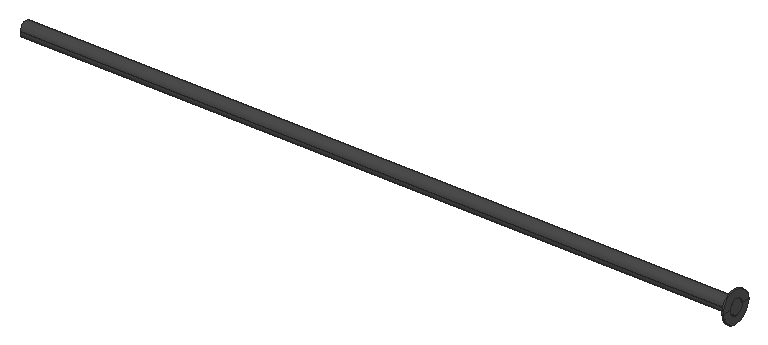
Revit family "FOFO_Tubo_PF", category Pipe Fittings, Revit 2025
Family settings
  Round Connector Dimension = Use Radius
  Part Type = Union
  OmniClass Number = 23.60.30.11.14
  OmniClass Title = Pipework Fittings
  Work Plane-Based = No
  Always vertical = Yes
  Cut with Voids When Loaded = No
  Shared = Yes
Parameters (values of type "TU_PB_0100")
  Loss Method = K Coefficient from Table
  K Coefficient Table = "Tee"
  built-in parameter 1114238 [instance] = (empty or 0)
  Default Elevation = 0.0 mm
  Corpo_L = 6000.0 mm
  Corpo_E = 6.0 mm
  Bolsa_RI = Bolsa_DI * 0.5  # 60.5 mm
  Bolsa_RE = Bolsa_DE * 0.5  # 59.0 mm
  Bolsa_RB = Bolsa_B * 0.5  # 83.45 mm
  Bolsa_P = 94.5 mm
  Bolsa_DI = 121.0 mm
  Bolsa_DE = 118.0 mm
  Bolsa_Borde3 = Bolsa_Borde1 * 0.5  # 2.5 mm
  Bolsa_Borde2 = Bolsa_Borde1 * 1.5  # 7.5 mm
  Bolsa_Borde1 = 5.0 mm
  Bolsa_B = 166.9 mm
Types (5, lengths in mm): name | Corpo_E | Bolsa_RI | Bolsa_RE | Bolsa_RB | Bolsa_P | Bolsa_DI | Bolsa_DE | Bolsa_B
  (no name) | 6.0 | 60.5 | 59.0 | 83.45 | 94.5 | 121.0 | 118.0 | 166.9
  TU_PB_0100 | 6.0 | 60.5 | 59.0 | 83.45 | 94.5 | 121.0 | 118.0 | 166.9
  TU_PB_0080 | 6.0 | 50.5 | 49.0 | 72.05 | 92.5 | 101.0 | 98.0 | 144.1
  TU_PB_0150 | 6.0 | 86.5 | 85.0 | 110.4 | 100.5 | 173.0 | 170.0 | 220.8
  TU_PB_1200 | 15.3 | 629.0 | 627.5 | 706.0 | 105.5 | 1258.0 | 1255.0 | 1412.0
Reference planes
  plane 1 "EixoP": y = 0
  plane 2: z = 0
  plane 3 "EixoS": x = 2618.25
  plane 4 "ED": x = 5618.25
  plane 5 "JJ": x = -381.75
Forms (mm)
  Sweep 1, solid, material "FOFO Preto"
    path origin (0, 0, 0) x (1, 0, 0) y (0, 1, 0)
      loop
        line (-381.75, 0) -> (5618.25, 0)
    profile origin (2618.25, 0, 0) x (0, 1, 0) y (0, 0, 1)
      loop
        circle (0, 0) r 59
  Revolve 2, solid, material "FOFO Preto"
    sketch origin (0, 0, 0) x (1, 0, 0) y (0, 1, 0)
      loop
        line (5618.25, 60.5) -> (5615.362, 64.125) -> (5615.362, 130.5) -> (5603.362, 130.5) -> (5603.362, 48.5) -> (5618.25, 48.5) -> (5618.25, 60.5)
      axis (5603.362, 0) -> (5618.25, 0)
    angle from 0 to 360
Cuts and joins
  joined: Sweep 1, Revolve 2
Lines and regions (mm)
  model lines, detail levels coarse
    curve 1: line (5618.25, 0, 0) -> (-381.75, 0, 0)
Dimensions and locks
  equal spacing: plane 5 "JJ", plane 3 "EixoS", plane 4 "ED"
  "Corpo_L": plane 5 "JJ" to plane 4 "ED"
  "Bolsa_RE": radius of Sweep 1 sketch curve
  aligned and locked: plane 1 "EixoP" to Sweep 1 sketch curve
  aligned and locked: plane 4 "ED" to Sweep 1 sketch curve
  aligned and locked: plane 5 "JJ" to Sweep 1 sketch curve
  aligned and locked: Sweep 1 to Revolve 2 sketch curve
Automatic sketch dimensions
  plane 1 "EixoP" to curve 1 = 0.0 mm
  curve 1 to plane 5 "JJ" = 0.0 mm
  curve 1 to plane 4 "ED" = 0.0 mm
  Sweep 1 sketch curve to level = 0.0 mm
  Sweep 1 sketch curve to profile plane = 0.0 mm
  Revolve 2 sketch curve to plane 4 "ED" = 0.0 mm
  plane 1 "EixoP" to Revolve 2 sketch curve = 0.0 mm
  Revolve 2 sketch curve to plane 4 "ED" = 2.888 mm
  Revolve 2 sketch curve to Revolve 2 sketch curve = 12.0 mm  (x2)
  Revolve 2 sketch curve to plane 1 "EixoP" = 48.5 mm
  Revolve 2 sketch curve to Revolve 2 sketch curve = 3.625 mm
  Revolve 2 sketch curve to Revolve 2 sketch curve = 66.375 mm
  plane 4 "ED" to Revolve 2 sketch curve = 110.5 mm
